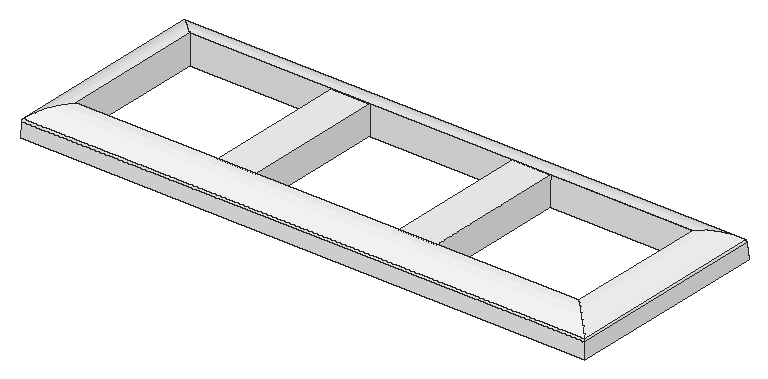
Revit family "Gira_021301", category Electrical Fixtures, host Face, Revit 2017
Family settings
  Host = Face
  Maintain Annotation Orientation = No
  Round Connector Dimension = Use Diameter
  Part Type = Normal
  Cut with Voids When Loaded = No
  Shared = No
  Room Calculation Point = No
Parameters (values of type "Cov.fr. 3-g Standard 55 cr.white")
  With mounting grid = "No"
  With hinged lid = "No"
  URL = "http://katalog.gira.de/en/datenblatt.html?artikelnr=021301"
  Type of fastening = "Clamp mounting"
  Transparent = "No"
  Surface protection = "Other"
  Surface finishing = "Glossy"
  Suitable for wall duct = "No"
  Suitable for flush-mounted installation = "Yes"
  Suitable for floor box = "No"
  Suitable for built-in installation = "No"
  RAL-number (akin) = "1013"
  Number of units vertical = "3"
  Number of units horizontal = "3"
  Number of units = "3"
  Name = "Cov.fr. 3-g Standard 55 cr.white"
  Mounting direction = "Horizontal and vertical"
  Material quality = "Thermoplastic"
  Material = "Plastic"
  Manufacturer URL = "https://www.gira.de/"
  Manufacturer = "Gira"
  Label space/information surface = "No"
  Keynote = ""
  HeinzeBIM = "https://bimportal.heinze.de/bim/cov-fr-3-g-standard-55-cr-white/110df6c213d01c59b862cafc73d66d3e5266e007"
  Halogen free = "Yes"
  HAN = "021301"
  GTIN = "4010337213017"
  Description = "Cov.fr.3g Std55 CW,Gira Standard 55 cover frame,cream white glossy,3-gang,Features:,- Shatter-proof.,,Notes :,- Also suitable for duct installation.,- In connection with the seal kit, frame (1-gang to 5-gang) is also suitable for installation as water-protected flush-mounted IP44."
  Degree of protection (IP) = "IP20"
  Default Elevation = 1219.2 mm
  Data sheet (1) = "https://katalog.gira.de/en/download.html?artikelnr=021301"
  Colour = "Cream white (electro white)"
  Category = "Cover frame for domestic switching devices"
  BIM (1) = "https://media.stage.bim.site/public/gira/36a6b08/Std55_Rahmen_3fach.rfa"
  Available = "No"
Reference planes
  plane 1 "Center (Front/Back)": y = 0
  plane 2: z = 0
  plane 3 "Center (Left/Right)": x = 0
  plane 4: x = -40.3
  plane 5: x = 40.3
  plane 6: y = -111.5
  plane 7: y = 111.5
  plane 8: y = 35.7
  plane 9: y = -35.7
Forms (mm)
  Sweep 1, solid, material "White", detail levels fine
    path origin (0, 0, 0) x (0, -1, 0) y (1, 0, 0)
      loop
        line (40.3, 111.5) -> (-40.3, 111.5) -> (-40.3, -111.5) -> (40.3, -111.5) -> (40.3, 111.5)
    profile origin (111.5, 0, 0) x (-1, 0, 0) y (0, 0, 1)
      loop
        arc (12.22, 11.373) -> (5.983, 10.294) -> (0.641, 6.901) r 16.145
        arc (0.641, 6.901) -> (0.395, 6.426) -> (0.309, 5.898) r 1.694
        line (0.309, 5.898) -> (0, 0) -> (12.319, 0) -> (12.22, 11.373)
  Extrusion 2, solid, material "White", detail levels fine
    sketch origin (-35.7, 0, 0) x (1, 0, 0) y (0, 0, 1)
      loop
        line (7.4, 0) -> (7.4, 11.373) -> (-7.4, 11.373) -> (-7.4, 0) -> (7.4, 0)
    from -28.08 to 28.08
  Extrusion 3, solid, material "White", detail levels fine
    sketch origin (35.7, 0, 0) x (1, 0, 0) y (0, 0, 1)
      loop
        line (7.4, 0) -> (7.4, 11.373) -> (-7.4, 11.373) -> (-7.4, 0) -> (7.4, 0)
    from -28.08 to 28.08
  Extrusion 4, solid, material "White", detail levels coarse+medium
    sketch origin (0, 0, 0) x (0, -1, 0) y (1, 0, 0)
      loop
        line (40.3, 111.5) -> (-40.3, 111.5) -> (-40.3, -111.5) -> (40.3, -111.5) -> (40.3, 111.5)
    from 0 to 11.373
Dimensions and locks
  aligned and locked: plane 2 to host face
  aligned and locked: level to host face
